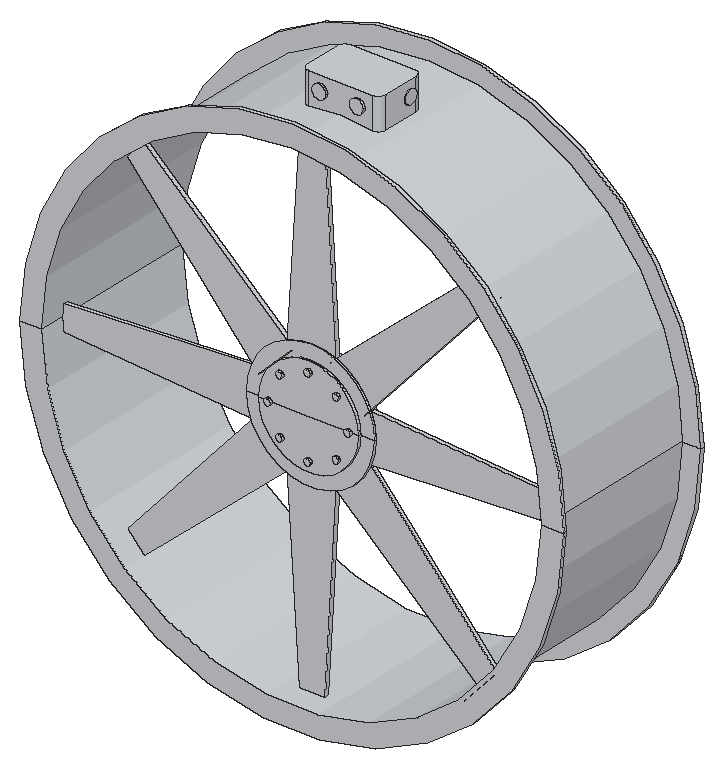
Revit family "CADS_Vent-Axia_MechEquip_Fan_ESC_3Ph6P - SUPPLY", category Mechanical Equipment, Revit 2020
Family settings
  Round Connector Dimension = Use Diameter
  Part Type = Normal
  OmniClass Number = 23.75.00.00
  OmniClass Title = Climate Control (HVAC)
  Work Plane-Based = No
  Always vertical = Yes
  Cut with Voids When Loaded = No
  Shared = No
  Room Calculation Point = No
Parameters (values of type "ESC80036")
  WorkingPressure = 0.0 Pa
  WarrantyStartDate [instance] = "1900-12-31T23:59:59"
  WarrantyPeriod = ""
  WarrantyIdentifier = "N/A"
  WarrantyGuarantorParts = "tech@vent-axia.com"
  WarrantyGuarantorLabor = "tech@vent-axia.com"
  WarrantyGuarantor = "Vent-Axia Limited"
  WarrantyEndDate [instance] = "1900-12-31T23:59:59"
  WarrantyContent = ""
  TemperatureRange = ""
  TagNumber [instance] = "N/A"
  SustainabilityPerformance = ""
  Status = "New"
  Size = ""
  Shape = ""
  ServiceLifeType = ""
  ServiceLifeDuration = ""
  SerialNumber [instance] = "N/A"
  ReplacementCost = ""
  RatedVoltage = 0 V
  RatedCurrent = 0 A
  Quantity = 1
  ProductionYear = ""
  PressureCurve = ""
  PowerFactor = ""
  PointOfContact = ""
  NumberOfPoles = 0
  NominalWidth = 800 mm
  NominalLength = 280 mm
  NominalHeight = 800 mm
  NominalFrequencyRange = ""
  NominalDiameter = 800 mm
  ModelReference = "SHORT CASED AXIAL FAN 800DIA 3PH 6 POLE"
  ModelNumber = "ESC80036"
  Material = ""
  ManufacturerE-Mail = "tech@vent-axia.com"
  ManufacturerAddress = "Fleming Way\nCrawley \nRH10 9YX"
  IsExtendedWarranty = no
  InsulationStandardClass = ""
  InstallationDate [instance] = "1900-12-31T23:59:59"
  IfcExportType [instance] = ""
  IfcExportAs = "IfcFanType"
  IP_Code = ""
  HasProtectiveEarth = no
  GrossWeight = 0.00 kg
  Grade = ""
  GlobalTradeItemNumber [instance] = "N/A"
  Fitting Type = "Ignore"
  Finish = ""
  Features = ""
  ExteriorInsulation = no
  ExpectedServiceLife = 0
  Exclusions = ""
  DurationUnit = "Year"
  Default Elevation = 0 mm
  Constituents = ""
  ConductorFunction = ""
  Color = ""
  CodePerformance = ""
  Category = ""
  CADS_Usage = 0
  CADS_Index = 0
  AssetType = "FIXED"
  AssetIdentifier [instance] = "N/A"
  AssemblyPlace = "UNKNOWN"
  ArticleNumber [instance] = "N/A"
  AirflowRateRange = 0.0 L/s
  Air Flow [instance] = 0.0 L/s
  AccessibilityPerformance = ""
Types (5, lengths in mm): name | NominalWidth | NominalLength | NominalHeight | NominalDiameter | ModelReference | ModelNumber
  ESC40036 | 400 | 155 | 400 | 400 | "SHORT CASED AXIAL FAN 400DIA 3PH 6 POLE" | "ESC40036"
  ESC63036 | 630 | 220 | 630 | 630 | "SHORT CASED AXIAL FAN 630DIA 3PH 6 POLE" | "ESC63036"
  ESC71036 | 710 | 260 | 710 | 710 | "SHORT CASED AXIAL FAN 710DIA 3PH 6 POLE" | "ESC71036"
  ESC80036 | 800 | 280 | 800 | 800 | "SHORT CASED AXIAL FAN 800DIA 3PH 6 POLE" | "ESC80036"
  ESC100036 | 1000 | 330 | 1000 | 1000 | "SHORT CASED AXIAL FAN 1000DIA 3PH 6 POLE" | "ESC100036"
Reference planes
  plane 1 "Center (Front/Back)": y = 0
  plane 2: z = 0
  plane 3 "Center (Left/Right)": x = 0
  plane 4: x = -400
  plane 5: x = 400
  plane 6 "F": y = -140
  plane 7 "B": y = 140
  plane 8: x = -435
  plane 9: y = 135
  plane 10: y = -135
  plane 11: x = -405
  plane 12: y = -100
  plane 13 "top": z = 400
  plane 14: z = -400
Forms (mm)
  Revolve 1, solid
    sketch origin (0, 0, 0) x (1, 0, 0) y (0, 1, 0)
      loop
        line (-435, -140) -> (-400, -140) -> (-400, 140) -> (-435, 140) -> (-435, 135) -> (-405, 135) -> (-405, -135) -> (-435, -135) -> (-435, -140)
      axis (0, 140) -> (0, -140)
    angle from 0 to 360
Dimensions and locks
  equal spacing: plane 4, plane 3 "Center (Left/Right)", plane 5
  equal spacing: plane 7 "B", plane 1 "Center (Front/Back)", plane 6 "F"
  "NominalLength": plane 7 "B" to plane 6 "F"
  "NominalDiameter": plane 4 to plane 5
  locked: plane 11 to plane 4 at 5
  locked: plane 8 to plane 11 at 30
  locked: plane 6 "F" to plane 10 at 5
  locked: plane 7 "B" to plane 9 at 5
  locked: plane 6 "F" to plane 12 at 40
  equal spacing: plane 13 "top", level, plane 14
  "NominalDiameter": plane 13 "top" to plane 14
  aligned and locked: level to plane 2
  aligned and locked: nested 1 to plane 12
  aligned and locked: plane 1 "Center (Front/Back)" to nested 16
  aligned and locked: plane 3 "Center (Left/Right)" to nested 16
Automatic sketch dimensions
  plane 6 "F" to Revolve 1 sketch curve = 0 mm
  Revolve 1 sketch curve to plane 8 = 0 mm  (x2)
  plane 10 to Revolve 1 sketch curve = 0 mm
  Revolve 1 sketch curve to plane 11 = 0 mm
  Revolve 1 sketch curve to plane 4 = 0 mm
  Revolve 1 sketch curve to plane 3 "Center (Left/Right)" = 0 mm
  plane 1 "Center (Front/Back)" to Revolve 1 sketch curve = 0 mm
  Revolve 1 sketch curve to plane 9 = 0 mm
  Revolve 1 sketch curve to plane 7 "B" = 0 mm
  plane 6 "F" to Revolve 1 sketch curve = 115 mm
Nested families
  nested 1: "Fan for ESC" at (0, -100, 0), ND <- "NominalDiameter", type "Fan for ESC"
    with hub 80 mm, ND 800 mm, BoltPCD 64 mm, Bolt Count 8, B_Diam 10 mm
  nested 2: "Bolts" at (0, -109.172, -64) x (-1, 0, 0) z (0, 1, 0), type "Bolts"
    with bd 10 mm
  nested 3: "Bolts" at (-45.255, -109.172, -45.255) x (-0.7071, 0, 0.7071) z (0, 1, 0), type "Bolts"
    with bd 10 mm
  nested 4: "Bolts" at (-64, -109.172, 0) x (0, 0, 1) z (0, 1, 0), type "Bolts"
    with bd 10 mm
  nested 5: "Bolts" at (-45.255, -109.172, 45.255) x (0.7071, 0, 0.7071) z (0, 1, 0), type "Bolts"
    with bd 10 mm
  nested 6: "Bolts" at (45.255, -109.172, 45.255) x (0.7071, 0, -0.7071) z (0, 1, 0), type "Bolts"
    with bd 10 mm
  nested 7: "Bolts" at (0, -109.172, 64) x (1, 0, 0) z (0, 1, 0), type "Bolts"
    with bd 10 mm
  nested 8: "ESC Blade" at (0, -100, 0), type "ESC Blade"
    with a 20.00°, HR 80 mm, HD 160 mm, BT 40 mm, BR 320 mm, BH 40 mm, BD 800 mm, BB 80 mm
  nested 9: "ESC Blade" at (0, -100, 0) x (0.7071, 0, -0.7071) z (0.7071, 0, 0.7071), type "ESC Blade"
    with a 20.00°, HR 80 mm, HD 160 mm, BT 40 mm, BR 320 mm, BH 40 mm, BD 800 mm, BB 80 mm
  nested 10: "ESC Blade" at (0, -100, 0) x (0, 0, -1) z (1, 0, 0), type "ESC Blade"
    with a 20.00°, HR 80 mm, HD 160 mm, BT 40 mm, BR 320 mm, BH 40 mm, BD 800 mm, BB 80 mm
  nested 11: "ESC Blade" at (0, -100, 0) x (-0.7071, 0, -0.7071) z (0.7071, 0, -0.7071), type "ESC Blade"
    with a 20.00°, HR 80 mm, HD 160 mm, BT 40 mm, BR 320 mm, BH 40 mm, BD 800 mm, BB 80 mm
  nested 12: "ESC Blade" at (0, -100, 0) x (-1, 0, 0) z (0, 0, -1), type "ESC Blade"
    with a 20.00°, HR 80 mm, HD 160 mm, BT 40 mm, BR 320 mm, BH 40 mm, BD 800 mm, BB 80 mm
  nested 13: "ESC Blade" at (0, -100, 0) x (-0.7071, 0, -0.7071) z (-0.7071, 0, 0.7071), type "ESC Blade"
    with a 20.00°, HR 80 mm, HD 160 mm, BT 40 mm, BR 320 mm, BH 40 mm, BD 800 mm, BB 80 mm
  nested 14: "ESC Blade" at (0, -100, 0) x (0, 0, -1) z (-1, 0, 0), type "ESC Blade"
    with a 20.00°, HR 80 mm, HD 160 mm, BT 40 mm, BR 320 mm, BH 40 mm, BD 800 mm, BB 80 mm
  nested 15: "ESC Blade" at (0, -100, 0) x (0.7071, 0, -0.7071) z (-0.7071, 0, -0.7071), type "ESC Blade"
    with a 20.00°, HR 80 mm, HD 160 mm, BT 40 mm, BR 320 mm, BH 40 mm, BD 800 mm, BB 80 mm
  nested 16: "Electrical Connection Box" at (0, 0, 400), type "125x84"
  nested 17: "Bolts" at (64, -109.172, 0) x (0, 0, -1) z (0, 1, 0), type "Bolts"
    with bd 10 mm
  nested 18: "Bolts" at (45.255, -109.172, -45.255) x (-0.7071, 0, -0.7071) z (0, 1, 0), type "Bolts"
    with bd 10 mm
Connectors
  hvac at (0, -140, 0), driven by "NominalDiameter", driven by "Air Flow"
    settings: on Revolve 1, index 1, duct flow 0.0 L/s, flow factor 0, pres drop 0.0 Pa, loss coef 0, conn angle 0.00°, conn width 304.8 mm, conn height 304.8 mm, conn diameter 800 mm, duct sys type 1, conn prof type 0, flow config 1, flow direction 1, loss method 0, conn ref index -1, conn util no, is conn primary yes, conn desc ""
  hvac at (0, 140, 0), driven by "NominalDiameter", driven by "Air Flow"
    settings: on Revolve 1, index 2, duct flow 0.0 L/s, flow factor 0, pres drop 0.0 Pa, loss coef 0, conn angle 0.00°, conn width 304.8 mm, conn height 304.8 mm, conn diameter 800 mm, duct sys type 1, conn prof type 0, flow config 0, flow direction 2, loss method 0, conn ref index -1, conn util no, is conn primary no, conn desc ""
Definition of nested family "Fan for ESC"
  Parameters (values of type "Fan for ESC")
    hub [instance] = ND / 10  # 56.7 mm
    ND [instance] = 567 mm
    Model = "."
    Default Elevation = 0 mm
    BoltPCD [instance] = hub - (hub * 0.2)  # 45.36 mm
    Bolt Count [instance] = if(hub < 50 mm, 6, 8)  # 8
    B_Diam [instance] = if(hub < 50 mm, 5 mm, 10 mm)  # 10 mm
  Reference planes
    plane 1 "Center (Front/Back)": y = 0
    plane 2: z = 0
    plane 3 "Center (Left/Right)": x = 0
    plane 4 "back": y = 20
    plane 5 "bolts": y = -9.172
    plane 6 "B": z = 56.7
    plane 7: x = -79.287
    plane 8: x = -56.7
    plane 9 "hubface": y = -6.172
  Forms (mm)
    Revolve 1, solid
      sketch origin (0, 0, 0) x (1, 0, 0) y (0, 1, 0)
        loop
          line (0, 20) -> (-56.7, 20) -> (-56.7, 10.504) -> (-79.287, 10.504) -> (-79.287, -2.597) -> (-56.7, -2.597) -> (-56.7, -6.172) -> (0, -6.172) -> (0, 20)
        axis (0, 20) -> (0, -6.172)
      angle from 0 to 360
    Extrusion 2, solid, not visible
      sketch origin (0, -6.347, -4) x (-1, 0, 0) y (0, 0, 1)
        loop
          circle (0, 84) r 5
      from 0 to 3
  Lines and regions (mm)
    symbolic lines
      curve 1: circle (0, -9.172, 0) r 45.36 normal (0, 1, 0)
    model lines, not visible
      curve 2: line (0, -6.347, 85) -> (0, -6.347, 75)
  Dimensions and locks
    "hub": plane 6 "B" to plane 2
    "hub": nested 3 to plane 3 "Center (Left/Right)"
    "hub": nested 4 to plane 3 "Center (Left/Right)"
    "hub": nested 5 to plane 3 "Center (Left/Right)"
    "hub": plane 3 "Center (Left/Right)" to nested 6
    "hub": Revolve 1 sketch curve to Revolve 1 sketch curve
    "hub": plane 3 "Center (Left/Right)" to nested 7
    "hub": plane 3 "Center (Left/Right)" to nested 8
    "hub": plane 3 "Center (Left/Right)" to nested 9
    "hub": plane 8 to plane 3 "Center (Left/Right)"
    plane 7 to plane 8 = 22.587 mm
    diameter of Extrusion 2 sketch curve = 10 mm
    "BoltPCD": radius of curve 1
    "BoltPCD": radius of radial array
    aligned and locked: level to plane 2
    aligned and locked: plane 6 "B" to nested 1
  Automatic sketch dimensions
    Revolve 1 sketch curve to plane 7 = 0 mm
    Revolve 1 sketch curve to plane 8 = 0 mm  (x2)
    Revolve 1 sketch curve to plane 3 "Center (Left/Right)" = 0 mm
    Revolve 1 sketch curve to plane 9 "hubface" = 0 mm
    plane 4 "back" to Revolve 1 sketch curve = 0 mm
    plane 1 "Center (Front/Back)" to Revolve 1 sketch curve = 2.597 mm
    plane 4 "back" to Revolve 1 sketch curve = 9.496 mm
    Revolve 1 sketch curve to Revolve 1 sketch curve = 5 mm
    Revolve 1 sketch curve to plane 4 "back" = 45 mm
    curve 1 to level = 0 mm
    curve 1 to plane 3 "Center (Left/Right)" = 0 mm
  Nested families
    nested 1: "ESC Blade" at (0, 0, 0), BD <- "ND", HD <- "hub", type "ESC Blade"
      with a 20.00°, HR 56.7 mm, HD 113.4 mm, BT 28.35 mm, BR 226.8 mm, BH 40 mm, BD 567 mm, BB 56.7 mm
    nested 2: "ESC Blade" at (0, 0, 755), BD <- "ND", HD <- "hub", type "ESC Blade", not visible
      with a 20.00°, HR 56.7 mm, HD 113.4 mm, BT 28.35 mm, BR 226.8 mm, BH 40 mm, BD 567 mm, BB 56.7 mm
    nested 3: "ESC Blade" at (0, 0, 0) x (0.7071, 0, -0.7071) z (0.7071, 0, 0.7071), BD <- "ND", HD <- "hub", type "ESC Blade"
      with a 20.00°, HR 56.7 mm, HD 113.4 mm, BT 28.35 mm, BR 226.8 mm, BH 40 mm, BD 567 mm, BB 56.7 mm
    nested 4: "ESC Blade" at (0, 0, 0) x (0, 0, -1) z (1, 0, 0), BD <- "ND", HD <- "hub", type "ESC Blade"
      with a 20.00°, HR 56.7 mm, HD 113.4 mm, BT 28.35 mm, BR 226.8 mm, BH 40 mm, BD 567 mm, BB 56.7 mm
    nested 5: "ESC Blade" at (0, 0, 0) x (-0.7071, 0, -0.7071) z (0.7071, 0, -0.7071), BD <- "ND", HD <- "hub", type "ESC Blade"
      with a 20.00°, HR 56.7 mm, HD 113.4 mm, BT 28.35 mm, BR 226.8 mm, BH 40 mm, BD 567 mm, BB 56.7 mm
    nested 6: "ESC Blade" at (0, 0, 0) x (-1, 0, 0) z (0, 0, -1), BD <- "ND", HD <- "hub", type "ESC Blade"
      with a 20.00°, HR 56.7 mm, HD 113.4 mm, BT 28.35 mm, BR 226.8 mm, BH 40 mm, BD 567 mm, BB 56.7 mm
    nested 7: "ESC Blade" at (0, 0, 0) x (-0.7071, 0, -0.7071) z (-0.7071, 0, 0.7071), BD <- "ND", HD <- "hub", type "ESC Blade"
      with a 20.00°, HR 56.7 mm, HD 113.4 mm, BT 28.35 mm, BR 226.8 mm, BH 40 mm, BD 567 mm, BB 56.7 mm
    nested 8: "ESC Blade" at (0, 0, 0) x (0, 0, -1) z (-1, 0, 0), BD <- "ND", HD <- "hub", type "ESC Blade"
      with a 20.00°, HR 56.7 mm, HD 113.4 mm, BT 28.35 mm, BR 226.8 mm, BH 40 mm, BD 567 mm, BB 56.7 mm
    nested 9: "ESC Blade" at (0, 0, 0) x (0.7071, 0, -0.7071) z (-0.7071, 0, -0.7071), BD <- "ND", HD <- "hub", type "ESC Blade"
      with a 20.00°, HR 56.7 mm, HD 113.4 mm, BT 28.35 mm, BR 226.8 mm, BH 40 mm, BD 567 mm, BB 56.7 mm
    nested 10: "Bolts" at (0, -9.172, 45.36) x (1, 0, 0) z (0, 1, 0), bd <- "B_Diam", type "Bolts"
      with bd 10 mm
    nested 11: "Bolts" at (32.074, -9.172, 32.074) x (0.7071, 0, -0.7071) z (0, 1, 0), bd <- "B_Diam", type "Bolts"
      with bd 10 mm
    nested 12: "Bolts" at (-32.074, -9.172, 32.074) x (0.7071, 0, 0.7071) z (0, 1, 0), bd <- "B_Diam", type "Bolts"
      with bd 10 mm
    nested 13: "Bolts" at (-45.36, -9.172, 0) x (0, 0, 1) z (0, 1, 0), bd <- "B_Diam", type "Bolts"
      with bd 10 mm
    nested 14: "Bolts" at (-32.074, -9.172, -32.074) x (-0.7071, 0, 0.7071) z (0, 1, 0), bd <- "B_Diam", type "Bolts"
      with bd 10 mm
    nested 15: "Bolts" at (0, -9.172, -45.36) x (-1, 0, 0) z (0, 1, 0), bd <- "B_Diam", type "Bolts"
      with bd 10 mm
    nested 16: "Bolts" at (32.074, -9.172, -32.074) x (-0.7071, 0, -0.7071) z (0, 1, 0), bd <- "B_Diam", type "Bolts"
      with bd 10 mm
    nested 17: "Bolts" at (45.36, -9.172, 0) x (0, 0, -1) z (0, 1, 0), bd <- "B_Diam", type "Bolts"
      with bd 10 mm
  Definition of nested family "ESC Blade"
    Parameters (values of type "ESC Blade")
      a [instance] = 20.00°
      HR [instance] = HD / 2  # 30 mm
      HD [instance] = BD / 5  # 60 mm
      Default Elevation = 1219.2 mm
      BT [instance] = BD / 20  # 15 mm
      BR [instance] = (BD / 2) - HR  # 120 mm
      BH [instance] = 40 mm
      BD [instance] = 300 mm
      BB [instance] = BD / 10  # 30 mm
    Reference planes
      plane 1 "Center (Front/Back)": y = 0
      plane 2: z = 0
      plane 3 "Center (Left/Right)": x = 0
      plane 4 "Blade Bot": z = 30
      plane 5: x = -15
      plane 6: x = 15
      plane 7: x = -7.5
      plane 8: x = 7.5
    Forms (mm)
      Blend 1, solid
        base sketch origin (0, 0, 30) x (-1, 0, 0) y (0, -1, 0)
          loop
            line (15, 0) -> (-15, 0) -> (-15, -6) -> (15, -6) -> (15, 0)
        top sketch origin (0, 0, 30) x (-1, 0, 0) y (0, -1, 0)
          loop
            line (7.5, -6) -> (7.5, 0) -> (-7.5, 0) -> (-7.5, -6) -> (7.5, -6)
        from 0 to 120 <- "BR"
    Dimensions and locks
      "HR": plane 4 "Blade Bot" to level
      equal spacing: plane 8, plane 3 "Center (Left/Right)", plane 7
      "BT": plane 8 to plane 7
      equal spacing: plane 6, plane 3 "Center (Left/Right)", plane 5
      "BB": plane 6 to plane 5
      aligned and locked: level to plane 2
    Automatic sketch dimensions
      plane 1 "Center (Front/Back)" to Blend 1 sketch curve = 0 mm  (x2)
      Blend 1 sketch curve to plane 6 = 0 mm
      Blend 1 sketch curve to plane 5 = 0 mm
      Blend 1 sketch curve to plane 1 "Center (Front/Back)" = 6 mm  (x2)
      Blend 1 sketch curve to plane 8 = 0 mm
      Blend 1 sketch curve to plane 7 = 0 mm
  Definition of nested family "Bolts"
    Parameters
      bd [instance] = 10 mm
      Default Elevation = 1219.2 mm
    Reference planes
      plane 1 "Center (Front/Back)": y = 0
      plane 2: z = 0
      plane 3 "Center (Left/Right)": x = 0
    Forms (mm)
      Extrusion 1, solid
        sketch origin (0, 0, 0) x (1, 0, 0) y (0, 1, 0)
          loop
            line (-1219.2, 1219.2) -> (-1219.2, -1219.2) -> (1219.2, -1219.2) -> (1219.2, 1219.2) -> (-1219.2, 1219.2)
        from 0 to -304.8
      Extrusion 2, solid
        sketch origin (0, 0, 0) x (1, 0, 0) y (0, 1, 0)
          loop
            circle (0, 0) r 5
        from 0 to 3
    Dimensions and locks
      "bd": diameter of Extrusion 2 sketch curve
      aligned and locked: plane 2 to Extrusion 1
      aligned and locked: level to Extrusion 1
    Automatic sketch dimensions
      Extrusion 1 sketch curve to Extrusion 1 sketch curve = 2438.4 mm  (x2)
      plane 1 "Center (Front/Back)" to Extrusion 2 sketch curve = 0 mm
      Extrusion 2 sketch curve to plane 3 "Center (Left/Right)" = 0 mm
Definition of nested family "Bolts"
  Parameters
    bd [instance] = 10 mm
    Default Elevation = 1219.2 mm
  Reference planes
    plane 1 "Center (Front/Back)": y = 0
    plane 2: z = 0
    plane 3 "Center (Left/Right)": x = 0
  Forms (mm)
    Extrusion 1, solid
      sketch origin (0, 0, 0) x (1, 0, 0) y (0, 1, 0)
        loop
          line (-1219.2, 1219.2) -> (-1219.2, -1219.2) -> (1219.2, -1219.2) -> (1219.2, 1219.2) -> (-1219.2, 1219.2)
      from 0 to -304.8
    Extrusion 2, solid
      sketch origin (0, 0, 0) x (1, 0, 0) y (0, 1, 0)
        loop
          circle (0, 0) r 5
      from 0 to 3
  Dimensions and locks
    "bd": diameter of Extrusion 2 sketch curve
    aligned and locked: plane 2 to Extrusion 1
    aligned and locked: level to Extrusion 1
  Automatic sketch dimensions
    Extrusion 1 sketch curve to Extrusion 1 sketch curve = 2438.4 mm  (x2)
    plane 1 "Center (Front/Back)" to Extrusion 2 sketch curve = 0 mm
    Extrusion 2 sketch curve to plane 3 "Center (Left/Right)" = 0 mm
Definition of nested family "ESC Blade"
  Parameters (values of type "ESC Blade")
    a [instance] = 20.00°
    HR [instance] = HD / 2  # 30 mm
    HD [instance] = BD / 5  # 60 mm
    Default Elevation = 1219.2 mm
    BT [instance] = BD / 20  # 15 mm
    BR [instance] = (BD / 2) - HR  # 120 mm
    BH [instance] = 40 mm
    BD [instance] = 300 mm
    BB [instance] = BD / 10  # 30 mm
  Reference planes
    plane 1 "Center (Front/Back)": y = 0
    plane 2: z = 0
    plane 3 "Center (Left/Right)": x = 0
    plane 4 "Blade Bot": z = 30
    plane 5: x = -15
    plane 6: x = 15
    plane 7: x = -7.5
    plane 8: x = 7.5
  Forms (mm)
    Blend 1, solid
      base sketch origin (0, 0, 30) x (-1, 0, 0) y (0, -1, 0)
        loop
          line (15, 0) -> (-15, 0) -> (-15, -6) -> (15, -6) -> (15, 0)
      top sketch origin (0, 0, 30) x (-1, 0, 0) y (0, -1, 0)
        loop
          line (7.5, -6) -> (7.5, 0) -> (-7.5, 0) -> (-7.5, -6) -> (7.5, -6)
      from 0 to 120 <- "BR"
  Dimensions and locks
    "HR": plane 4 "Blade Bot" to level
    equal spacing: plane 8, plane 3 "Center (Left/Right)", plane 7
    "BT": plane 8 to plane 7
    equal spacing: plane 6, plane 3 "Center (Left/Right)", plane 5
    "BB": plane 6 to plane 5
    aligned and locked: level to plane 2
  Automatic sketch dimensions
    plane 1 "Center (Front/Back)" to Blend 1 sketch curve = 0 mm  (x2)
    Blend 1 sketch curve to plane 6 = 0 mm
    Blend 1 sketch curve to plane 5 = 0 mm
    Blend 1 sketch curve to plane 1 "Center (Front/Back)" = 6 mm  (x2)
    Blend 1 sketch curve to plane 8 = 0 mm
    Blend 1 sketch curve to plane 7 = 0 mm
Definition of nested family "Electrical Connection Box"
  Parameters (values of type "125x84")
    w = 125 mm
    vis grommets = yes
    h = 50 mm
    d = 84 mm
    Default Elevation = 1219.2 mm
  Types (4, lengths in mm): name | w | vis grommets | h | d
    125x84 | 125 | yes | 50 | 84
    165x135 | 165 | no | 50 | 135
    Electrical Connection Box 2 | 165 | no | 0 | 135
    Electrical Connection Box | 125 | no | 0 | 84
  Reference planes
    plane 1 "Center (Front/Back)": y = 0
    plane 2: z = 0
    plane 3 "Center (Left/Right)": x = 0
    plane 4: y = 42
    plane 5: x = 62.5
    plane 6: x = -62.5
    plane 7: y = -42
  Forms (mm)
    Extrusion 1, solid
      sketch origin (0, 0, 0) x (1, 0, 0) y (0, 1, 0)
        loop
          line (-1219.2, 1219.2) -> (-1219.2, -1219.2) -> (1219.2, -1219.2) -> (1219.2, 1219.2) -> (-1219.2, 1219.2)
      from 0 to -304.8
    Extrusion 2, solid
      sketch origin (-62.5, -42, 0) x (1, 0, 0) y (0, 1, 0)
        loop
          arc (12, 84) -> (3.515, 80.485) -> (0, 72) r 12
          line (0, 72) -> (0, 12)
          arc (0, 12) -> (3.515, 3.515) -> (12, 0) r 12
          line (12, 0) -> (113, 0)
          arc (113, 0) -> (121.485, 3.515) -> (125, 12) r 12
          line (125, 12) -> (125, 72)
          arc (125, 72) -> (121.485, 80.485) -> (113, 84) r 12
          line (113, 84) -> (12, 84)
      from 0 to 50 <- "h"
    Extrusion 3, solid, visible <- "vis grommets"
      sketch origin (62.5, 43.228, -0.59) x (0, -1, 0) y (0, 0, -1)
        loop
          circle (26.228, -28.09) r 11
      from 0 to 3
    Extrusion 4, solid, visible <- "vis grommets"
      sketch origin (204.495, -42, 22.909) x (-1, 0, 0) y (0, 0, -1)
        loop
          circle (176.995, -4.591) r 11
      from 0 to 3
    Extrusion 5, solid, visible <- "vis grommets"
      sketch origin (144.495, -42, 22.909) x (-1, 0, 0) y (0, 0, -1)
        loop
          circle (176.995, -4.591) r 11
      from 0 to 3
  Dimensions and locks
    "w": plane 6 to plane 5
    equal spacing: plane 6, plane 3 "Center (Left/Right)", plane 5
    "d": plane 4 to plane 7
    equal spacing: plane 4, plane 1 "Center (Front/Back)", plane 7
    aligned and locked: plane 2 to Extrusion 1
    aligned and locked: level to Extrusion 1
  Automatic sketch dimensions
    Extrusion 1 sketch curve to Extrusion 1 sketch curve = 2438.4 mm  (x2)
    Extrusion 2 sketch curve to plane 6 = 0 mm
    plane 7 to Extrusion 2 sketch curve = 0 mm
    Extrusion 2 sketch curve to plane 4 = 0 mm
    Extrusion 2 sketch curve to plane 5 = 0 mm
    Extrusion 2 sketch curve to plane 6 = 12 mm
    Extrusion 2 sketch curve to plane 4 = 12 mm  (x2)
    Extrusion 2 sketch curve to plane 5 = 12 mm
    Extrusion 3 sketch curve to Extrusion 2 = 13 mm
    Extrusion 2 to Extrusion 3 sketch curve = 22.5 mm
    Extrusion 4 sketch curve to Extrusion 2 = 23 mm
    Extrusion 2 to Extrusion 4 sketch curve = 22.5 mm
    Extrusion 2 to Extrusion 5 sketch curve = 18 mm
    Extrusion 2 to Extrusion 5 sketch curve = 22.5 mm
    radius of Extrusion 3 sketch curve = 11 mm
    radius of Extrusion 4 sketch curve = 11 mm
    radius of Extrusion 5 sketch curve = 11 mm
